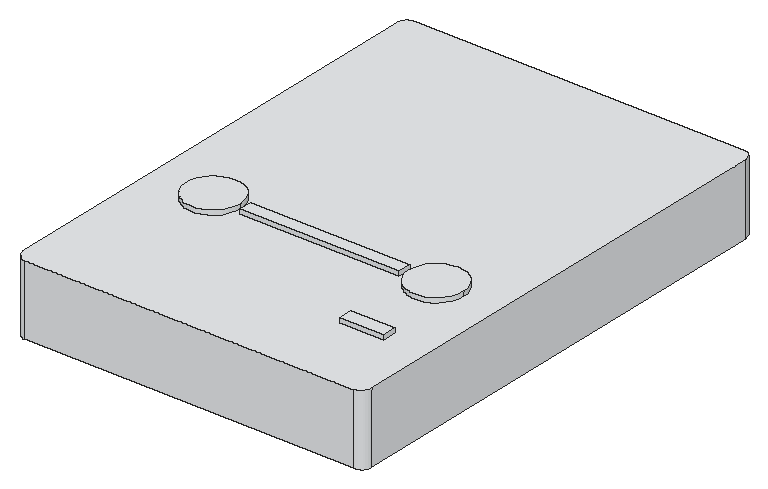
Revit family "AIPhone_GT-1M3", category Data Devices, host Face, Revit 2023
Family settings
  Host = Face
  Round Connector Dimension = Use Diameter
  Part Type = Normal
  OmniClass Number = 23.85.50.17
  OmniClass Title = Communication and Data Processing Equipment
  Cut with Voids When Loaded = No
  Maintain Annotation Orientation = Yes
  Shared = No
  Room Calculation Point = No
Parameters
  Width = 4.94"
  Talk Button = Talk Button
  Specification = "https://www.arcat.com/sdspecs/htm04/28_13_53aic.htm"
  SpecWizard = ""
  Send Message = ""
  Screen = Screen
  Sales Information = ""
  Revision = "R1.0.0"
  Product Properties = ""
  Product Data = ""
  OmniClass Title = ""
  OmniClass Number = ""
  Model = "GT-1M3"
  MasterFormat04 Keynote = ""
  Manufacturer's Notes = ""
  Manufacturer Website = "www.aiphone.com"
  Manufacturer Phone - Toll Free = "800-692-0200"
  Manufacturer Phone = "425-455-0510"
  Manufacturer Fax = "425-455-0071"
  Manufacturer Email = "https://www.aiphone.com/home/sales/regional-sales"
  Manufacturer Address = "6670 185th Ave. NE, Redmond, WA 98052"
  Manufacturer = "AIPHONE"
  Installation-Fabrication = "https://www.arcat.com/cad/aiphone/282300_gt-1m3-1.pdf"
  Host Width = 12.00"
  Height = 7.06"
  Green Building-LEED = "https://www.arcat.com/green/clients/leed_data_30204.html?coid=30204"
  Drawn By = "Matt Wunch"
  Door Release Button = Door Release
  Description = "RESIDENTIAL / TENANT STATION"
  Depth = 1.00"
  Default Elevation = 48.00"
  Copyright = "Arcat, Inc. ©2019"
  Construction Details = ""
  Building Codes = ""
  Body = Plastic
Reference planes (in)
  plane 1 "Center (Front/Back)": y = 0
  plane 2: z = 0
  plane 3 "Center (Left/Right)": x = 0
  plane 4: x = -2.47
  plane 5: x = 2.47
  plane 6: y = -3.53
  plane 7: y = 3.53
  plane 8: z = 1
  plane 9: z = 1.0625
  plane 10: x = -6
  plane 11: x = 6
  plane 12: y = 6
  plane 13: y = -6
Forms (in)
  Extrusion 1, solid, material "Plastic" <- "Body"
    sketch origin (0, 0, 0) x (1, 0, 0) y (0, 1, 0)
      loop
        line (2.32, 3.53) -> (-2.32, 3.53)
        arc (-2.32, 3.53) -> (-2.42607, 3.48607) -> (-2.47, 3.38) r 0.15
        line (-2.47, 3.38) -> (-2.47, -3.22434)
        arc (-2.47, -3.22434) -> (-2.42865, -3.32777) -> (-2.32738, -3.37416) r 0.15
        arc (-2.32738, -3.37416) -> (0.00235, -3.43143) -> (2.33208, -3.37368) r 47.22372
        arc (2.33208, -3.37368) -> (2.43025, -3.32588) -> (2.47, -3.22417) r 0.15
        line (2.47, -3.22417) -> (2.47, 3.38)
        arc (2.47, 3.38) -> (2.42607, 3.48607) -> (2.32, 3.53) r 0.15
    from 0 to 1 <- "Depth"
  Extrusion 2, solid, material "Plastic" <- "Body"
    sketch origin (0, 0, 0) x (1, 0, 0) y (0, 1, 0)
      loop
        circle (1.57875, -0.973) r 0.38594
      loop
        circle (-1.58125, -0.973) r 0.38594
      loop
        line (1.26606, -2.10196) -> (1.26606, -2.29303) -> (1.89157, -2.29303) -> (1.89157, -2.10196) -> (1.26606, -2.10196)
      loop
        line (1.12137, -1.06862) -> (1.12137, -0.87738) -> (-1.12387, -0.87738) -> (-1.12387, -1.06862) -> (1.12137, -1.06862)
    from 0.93109 to 1.0625
Cuts and joins
  joined: Extrusion 1, Extrusion 2
Lines and regions (in)
  Split face 1
    outline origin (-2.17, 3.38, 1) x (0, 1, 0) y (-1, 0, 0)
      loop
        line (-0.67535, -3.91105) -> (-0.67535, -0.42645)
        spline (-0.67535, -0.42645) -> (-0.67569, -0.4213) -> (-0.67669, -0.41625) -> (-0.67834, -0.41137) -> (-0.68062, -0.40675) -> (-0.68347, -0.40248) -> (-0.68686, -0.39861) -> (-0.69073, -0.39522) -> (-0.695, -0.39237) -> (-0.69962, -0.39009) -> (-0.7045, -0.38844) -> (-0.70955, -0.38744) -> (-0.7147, -0.3871)
        line (-0.7147, -0.3871) -> (-3.54755, -0.3871)
        spline (-3.54755, -0.3871) -> (-3.5527, -0.38744) -> (-3.55775, -0.38844) -> (-3.56263, -0.39009) -> (-3.56725, -0.39237) -> (-3.57152, -0.39522) -> (-3.57539, -0.39861) -> (-3.57878, -0.40248) -> (-3.58163, -0.40675) -> (-3.58391, -0.41137) -> (-3.58556, -0.41625) -> (-3.58656, -0.4213) -> (-3.5869, -0.42645)
        line (-3.5869, -0.42645) -> (-3.5869, -3.91105)
        spline (-3.5869, -3.91105) -> (-3.58656, -3.9162) -> (-3.58556, -3.92125) -> (-3.58391, -3.92613) -> (-3.58163, -3.93075) -> (-3.57878, -3.93502) -> (-3.57539, -3.93889) -> (-3.57152, -3.94228) -> (-3.56725, -3.94513) -> (-3.56263, -3.94741) -> (-3.55775, -3.94906) -> (-3.5527, -3.95006) -> (-3.54755, -3.9504)
        line (-3.54755, -3.9504) -> (-0.7147, -3.9504)
        spline (-0.7147, -3.9504) -> (-0.70955, -3.95006) -> (-0.7045, -3.94906) -> (-0.69962, -3.94741) -> (-0.695, -3.94513) -> (-0.69073, -3.94228) -> (-0.68686, -3.93889) -> (-0.68347, -3.93502) -> (-0.68062, -3.93075) -> (-0.67834, -3.92613) -> (-0.67669, -3.92125) -> (-0.67569, -3.9162) -> (-0.67535, -3.91105)
  Split face 2
    outline origin (-2.17, 3.38, 1) x (0, 1, 0) y (-1, 0, 0)
      loop
        line (-0.98563, -0.82575) -> (-2.98038, -0.82575) -> (-2.98038, -3.51175) -> (-0.98563, -3.51175) -> (-0.98563, -0.82575)
  model lines
    curve 1: circle (-0.2975, -1.90125, 1) r 0.06649 normal (0, 0, 1)
    curve 2: circle (-0.1, -1.90125, 1) r 0.06649 normal (0, 0, 1)
    curve 3: circle (0.0975, -1.90125, 1) r 0.06649 normal (0, 0, 1)
    curve 4: circle (0.295, -1.90125, 1) r 0.06649 normal (0, 0, 1)
    curve 5: circle (-0.2975, -2.10125, 1) r 0.06649 normal (0, 0, 1)
    curve 6: circle (-0.1, -2.10125, 1) r 0.06649 normal (0, 0, 1)
    curve 7: circle (0.0975, -2.10125, 1) r 0.06649 normal (0, 0, 1)
    curve 8: circle (0.295, -2.10125, 1) r 0.06649 normal (0, 0, 1)
    curve 9: circle (-0.2975, -2.30125, 1) r 0.06649 normal (0, 0, 1)
    curve 10: circle (-0.1, -2.30125, 1) r 0.06649 normal (0, 0, 1)
    curve 11: circle (0.0975, -2.30125, 1) r 0.06649 normal (0, 0, 1)
    curve 12: circle (0.295, -2.30125, 1) r 0.06649 normal (0, 0, 1)
    curve 13: circle (-0.2975, -2.50125, 1) r 0.06649 normal (0, 0, 1)
    curve 14: circle (-0.1, -2.50125, 1) r 0.06649 normal (0, 0, 1)
    curve 15: circle (0.0975, -2.50125, 1) r 0.06649 normal (0, 0, 1)
    curve 16: circle (0.295, -2.50125, 1) r 0.06649 normal (0, 0, 1)
    curve 17: line (-0.3765, -0.87738, 1.0625) -> (-0.3765, -1.06862, 1.0625)
    curve 18: line (0.35425, -0.87738, 1.0625) -> (0.35425, -1.06862, 1.0625)
Dimensions and locks (in)
  equal spacing: plane 4, plane 3 "Center (Left/Right)", plane 5
  equal spacing: plane 7, plane 1 "Center (Front/Back)", plane 6
  "Height": plane 7 to plane 6
  "Width": plane 4 to plane 5
  "Depth": plane 8 to host face
  equal spacing: plane 10, plane 3 "Center (Left/Right)", plane 11
  equal spacing: plane 12, plane 1 "Center (Front/Back)", plane 13
  "Host Width": plane 12 to plane 13
  "Host Width": plane 10 to plane 11
  aligned and locked: plane 2 to host face
  aligned and locked: level to host face
Automatic sketch dimensions
  host sketch curve to host sketch curve = 3.62175"
  host sketch curve to host sketch curve = 4.8066"
  Extrusion 1 sketch curve to plane 4 = 0.00"
  Extrusion 1 sketch curve to plane 7 = 0.00"
  Extrusion 1 sketch curve to plane 5 = 0.00"
  plane 4 to Extrusion 1 sketch curve = 0.15"
  Extrusion 1 sketch curve to Extrusion 1 sketch curve = 0.15"  (x2)
  Extrusion 1 sketch curve to plane 3 "Center (Left/Right)" = 0.0025"
  Extrusion 1 sketch curve to plane 5 = 0.15"
  plane 6 to Extrusion 1 sketch curve = 0.30566"
  Extrusion 1 sketch curve to Extrusion 1 sketch curve = 0.00"  (x2)
  Extrusion 1 sketch curve to plane 5 = 0.13792"
  plane 4 to Extrusion 2 sketch curve = 0.88875"
  Extrusion 2 sketch curve to plane 5 = 0.89125"
  plane 1 "Center (Front/Back)" to Extrusion 2 sketch curve = 0.973"  (x2)
  Extrusion 2 sketch curve to plane 5 = 1.20394"
  Extrusion 2 sketch curve to Extrusion 2 sketch curve = 0.62551"
  Extrusion 2 sketch curve to Extrusion 2 sketch curve = 1.12896"
  Extrusion 2 sketch curve to Extrusion 2 sketch curve = 0.19107"
  Extrusion 2 sketch curve to Extrusion 2 sketch curve = 0.45738"  (x2)
  Extrusion 2 sketch curve to Extrusion 2 sketch curve = 0.09562"
  Extrusion 2 sketch curve to Extrusion 2 sketch curve = 0.19124"
  curve 1 to Extrusion 1 = 2.1725"
  curve 13 to curve 1 = 0.00"
  curve 9 to curve 13 = 0.00"
  curve 5 to curve 1 = 0.00"
  curve 5 to curve 6 = 0.1975"
  curve 1 to curve 2 = 0.1975"
  curve 13 to curve 14 = 0.1975"
  curve 9 to curve 10 = 0.1975"
  curve 10 to curve 11 = 0.1975"
  curve 2 to curve 3 = 0.1975"
  curve 6 to curve 7 = 0.1975"
  curve 14 to curve 15 = 0.1975"
  curve 7 to curve 8 = 0.1975"
  curve 3 to curve 4 = 0.1975"
  curve 11 to curve 12 = 0.1975"
  curve 15 to curve 16 = 0.1975"
  curve 15 to Extrusion 1 = 6.03125"
  curve 14 to curve 15 = 0.00"
  curve 13 to curve 14 = 0.00"
  curve 15 to curve 16 = 0.00"
  curve 16 to curve 12 = 0.20"
  curve 11 to curve 12 = 0.00"
  curve 10 to curve 11 = 0.00"
  curve 9 to curve 10 = 0.00"
  curve 11 to curve 7 = 0.20"
  curve 6 to curve 7 = 0.00"
  curve 5 to curve 6 = 0.00"
  curve 7 to curve 8 = 0.00"
  curve 7 to curve 3 = 0.20"
  curve 2 to curve 3 = 0.00"
  curve 1 to curve 2 = 0.00"
  curve 3 to curve 4 = 0.00"
  Extrusion 2 to curve 17 = 0.00"
  curve 17 to Extrusion 2 = 0.00"
  Extrusion 2 to curve 18 = 0.00"
  curve 18 to Extrusion 2 = 0.00"
  curve 17 to Extrusion 2 = 0.74737"
  curve 17 to curve 18 = 0.73075"
  cut or joined group of Extrusion 1, Extrusion 2 to Split face 1 sketch curve = 0.67048"
  Split face 1 sketch curve to Split face 1 sketch curve = 0.03935"  (x6)
  Split face 1 sketch curve to cut or joined group of Extrusion 1, Extrusion 2 = 0.8647"  (x2)
  Split face 1 sketch curve to cut or joined group of Extrusion 1, Extrusion 2 = 0.11117"
  cut or joined group of Extrusion 1, Extrusion 2 to Split face 1 sketch curve = 0.61968"  (x2)
  Split face 1 sketch curve to Split face 1 sketch curve = 0.01151"  (x3)
  Split face 1 sketch curve to Split face 1 sketch curve = 0.0003"  (x2)
  Split face 1 sketch curve to Split face 1 sketch curve = 0.03965"  (x2)
  Split face 1 sketch curve to Split face 1 sketch curve = 0.02814"
  cut or joined group of Extrusion 1, Extrusion 2 to Split face 2 sketch curve = 0.22038"
  cut or joined group of Extrusion 1, Extrusion 2 to Split face 2 sketch curve = 1.27701"
  Split face 2 sketch curve to cut or joined group of Extrusion 1, Extrusion 2 = 0.07569"
  Split face 2 sketch curve to cut or joined group of Extrusion 1, Extrusion 2 = 1.13563"
  radius of Extrusion 2 sketch curve = 0.38594"  (x2)
  radius of curve 1 = 0.06649"
  radius of curve 2 = 0.06649"
  radius of curve 3 = 0.06649"
  radius of curve 4 = 0.06649"
  radius of curve 5 = 0.06649"
  radius of curve 6 = 0.06649"
  radius of curve 7 = 0.06649"
  radius of curve 8 = 0.06649"
  radius of curve 9 = 0.06649"
  radius of curve 10 = 0.06649"
  radius of curve 11 = 0.06649"
  radius of curve 12 = 0.06649"
  radius of curve 13 = 0.06649"
  radius of curve 14 = 0.06649"
  radius of curve 15 = 0.06649"
  radius of curve 16 = 0.06649"
